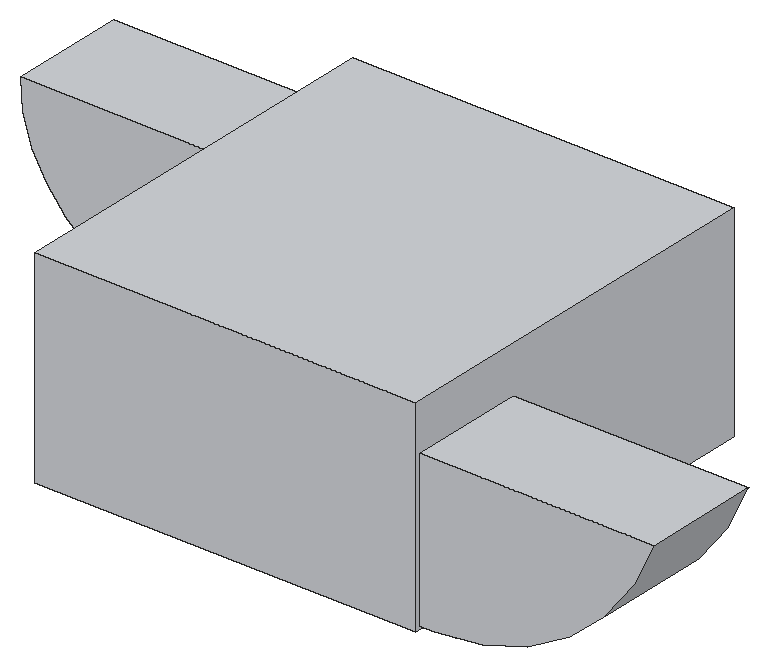
Revit family "LPB", category Mechanical Equipment, Revit 2019
Family settings
  Round Connector Dimension = Use Diameter
  Part Type = Normal
  Work Plane-Based = No
  Always vertical = Yes
  Cut with Voids When Loaded = No
  Shared = No
  Room Calculation Point = No
Parameters (values of type "540_LPB")
  Unit Weight [instance] = ""
  T_SQ/2 = T_SQ / 2  # 2' - 9"
  T_SQ = 5' - 6"
  Sones [instance] = ""
  RO/2 = RO / 2  # 2' - 6 3/4"
  RO = T_SQ - 0' 4 1/2"  # 5' - 1 1/2"
  Motor RPM [instance] = ""
  Motor Enclosure [instance] = ""
  ModelID [instance] = ""
  LwA [instance] = ""
  J = 0' - 4 1/4"
  I = 2' - 3 1/8"
  H = 1' - 5 25/32"
  G-.125" = G - 0' 0 1/8"  # 0' - 2 7/8"
  G = 0' - 3"
  Fan RPM [instance] = ""
  F/2 = F / 2  # 9' - 0 15/16"
  F = 18' - 1 7/8"
  E = 3' - 3 1/2"
  CURB_HEIGHT [instance] = 0' - 9 1/2"
  CURB [instance] = yes
  Accessories [instance] = ""
  -(D+1") = -(D + 0' 1")  # -2' - 6 13/16"
  D = 2' - 5 13/16"
  C/2 = C / 2  # 2' - 2 1/4"
  C+G = C + G  # 4' - 7 1/2"
  C = 4' - 4 1/2"
  B/2 = B / 2  # 4' - 0 11/16"
  B = 8' - 1 3/8"
  A/2 = A / 2  # 4' - 2 25/32"
  A = 8' - 5 9/16"
  3" = 0' - 3"  # constant formula
  Brake Hp [instance] = ""
  4" = 0' - 4"  # constant formula
  2' = 2' - 0"
  2" = 0' - 2"  # constant formula
  1" = 0' - 1"  # constant formula
  0 = 0' - 0"  # constant formula
  Voltage [instance] = 0 V
  URL = "www.lorencook.com"
  Type Comments = "Low Profile Centrifugal Exhaust Ventilator Roof Mounted/Belt Drive"  # constant formula
  Static Pressure [instance] = 0.00 in-wg
  Power [instance] = Voltage * Motor FLA * sqrt(if(Phase = 3, 3, 1))  # 0 VA
  Phase [instance] = 0
  Number of Poles [instance] = 1
  Motor Hp [instance] = "0"
  Motor FLA [instance] = 0 A
  Model = "LPB"  # constant formula
  Manufacturer = "Loren Cook Company"
  CFM [instance] = 0 CFM
  1.5 = 0' - 1 1/2"  # constant formula
  ONE EIGTH = 0' - 0 1/8"  # constant formula
  (F-B)/2 = (F - B) / 2  # 5' - 0 1/4"
Types (19): name | T_SQ/2 | T_SQ | RO/2 | RO | J | I | H | G-.125" | G | F/2 | F | E | -(D+1") | D | C/2 | C+G | C | B/2 | B | A/2 | A | (F-B)/2
  (no name) | 2' - 9" | 5' - 6" | 2' - 6 3/4" | 5' - 1 1/2" | 0' - 4 1/4" | 2' - 3 1/8" | 1' - 5 25/32" | 0' - 2 7/8" | 0' - 3" | 9' - 0 15/16" | 18' - 1 7/8" | 3' - 3 1/2" | -2' - 6 13/16" | 2' - 5 13/16" | 2' - 2 1/4" | 4' - 7 1/2" | 4' - 4 1/2" | 4' - 0 11/16" | 8' - 1 3/8" | 4' - 2 25/32" | 8' - 5 9/16" | 5' - 0 1/4"
  100_LPB | 0' - 10" | 1' - 8" | 0' - 7 3/4" | 1' - 3 1/2" | 0' - 1 9/32" | 0' - 8 19/32" | 0' - 1 1/32" | 0' - 1 7/8" | 0' - 2" | 2' - 2 3/32" | 4' - 4 3/16" | 0' - 6 25/32" | -0' - 7 11/16" | 0' - 6 11/16" | 0' - 6 15/16" | 1' - 3 7/8" | 1' - 1 7/8" | 1' - 2 15/16" | 2' - 5 7/8" | 0' - 11 1/32" | 1' - 10 1/16" | 0' - 11 5/32"
  120_LPB | 1' - 0" | 2' - 0" | 0' - 9 3/4" | 1' - 7 1/2" | 0' - 0 15/32" | 0' - 7 29/32" | 0' - 0 27/32" | 0' - 1 7/8" | 0' - 2" | 2' - 5 13/32" | 4' - 10 13/16" | 0' - 8 5/32" | -0' - 9" | 0' - 8" | 0' - 7 11/16" | 1' - 5 3/8" | 1' - 3 3/8" | 1' - 4 3/16" | 2' - 8 3/8" | 1' - 0 27/32" | 2' - 1 11/16" | 1' - 1 7/32"
  135_LPB | 1' - 0" | 2' - 0" | 0' - 9 3/4" | 1' - 7 1/2" | 0' - 1 9/16" | 0' - 8 15/16" | 0' - 2 7/32" | 0' - 1 7/8" | 0' - 2" | 2' - 8 1/16" | 5' - 4 1/8" | 0' - 9 3/16" | -0' - 10" | 0' - 9" | 0' - 8 3/16" | 1' - 6 3/8" | 1' - 4 3/8" | 1' - 5 1/4" | 2' - 10 1/2" | 1' - 2 7/32" | 2' - 4 7/16" | 1' - 2 13/16"
  150_LPB | 1' - 0" | 2' - 0" | 0' - 9 3/4" | 1' - 7 1/2" | 0' - 2 3/4" | 0' - 9 15/16" | 0' - 3 9/16" | 0' - 1 7/8" | 0' - 2" | 2' - 10 11/16" | 5' - 9 3/8" | 0' - 10 7/32" | -0' - 11" | 0' - 10" | 0' - 8 11/16" | 1' - 7 3/8" | 1' - 5 3/8" | 1' - 6 11/32" | 3' - 0 11/16" | 1' - 3 9/16" | 2' - 7 1/8" | 1' - 4 11/32"
  165_LPB | 1' - 0" | 2' - 0" | 0' - 9 3/4" | 1' - 7 1/2" | 0' - 4 1/16" | 0' - 10 15/16" | 0' - 4 29/32" | 0' - 1 7/8" | 0' - 2" | 3' - 1 11/32" | 6' - 2 11/16" | 0' - 11 7/32" | -1' - 0" | 0' - 11" | 0' - 9 3/16" | 1' - 8 3/8" | 1' - 6 3/8" | 1' - 7 1/2" | 3' - 3" | 1' - 4 29/32" | 2' - 9 13/16" | 1' - 5 27/32"
  180_LPB | 1' - 3" | 2' - 6" | 1' - 0 3/4" | 2' - 1 1/2" | 0' - 1 15/16" | 0' - 8 7/8" | 0' - 3 1/4" | 0' - 1 7/8" | 0' - 2" | 3' - 3 25/32" | 6' - 7 9/16" | 1' - 0 1/4" | -1' - 1" | 1' - 0" | 0' - 10 3/16" | 1' - 10 3/8" | 1' - 8 3/8" | 1' - 8 13/32" | 3' - 4 13/16" | 1' - 6 1/4" | 3' - 0 1/2" | 1' - 7 3/8"
  195_LPB | 1' - 3" | 2' - 6" | 1' - 0 3/4" | 2' - 1 1/2" | 0' - 2 13/16" | 1' - 4 3/16" | 0' - 4 5/8" | 0' - 1 7/8" | 0' - 2" | 3' - 9 3/8" | 7' - 6 3/4" | 1' - 1 1/4" | -1' - 2" | 1' - 1" | 0' - 10 11/16" | 1' - 11 3/8" | 1' - 9 3/8" | 2' - 0 1/2" | 4' - 1" | 1' - 7 5/8" | 3' - 3 1/4" | 1' - 8 7/8"
  210_LPB | 1' - 3" | 2' - 6" | 1' - 0 3/4" | 2' - 1 1/2" | 0' - 3 11/16" | 1' - 5 1/4" | 0' - 6" | 0' - 2 7/8" | 0' - 3" | 3' - 11 7/8" | 7' - 11 3/4" | 1' - 2 9/32" | -1' - 3" | 1' - 2" | 0' - 11 11/16" | 2' - 2 3/8" | 1' - 11 3/8" | 2' - 1 15/32" | 4' - 2 15/16" | 1' - 9" | 3' - 6" | 1' - 10 13/32"
  225_LPB | 1' - 3" | 2' - 6" | 1' - 0 3/4" | 2' - 1 1/2" | 0' - 4 17/32" | 1' - 6 5/32" | 0' - 7 5/16" | 0' - 2 7/8" | 0' - 3" | 4' - 2 9/32" | 8' - 4 9/16" | 1' - 3 5/16" | -1' - 4" | 1' - 3" | 1' - 0 5/8" | 2' - 4 1/4" | 2' - 1 1/4" | 2' - 2 11/32" | 4' - 4 11/16" | 1' - 10 5/16" | 3' - 8 5/8" | 1' - 11 15/16"
  245_LPB | 1' - 6" | 3' - 0" | 1' - 3 3/4" | 2' - 7 1/2" | 0' - 2 21/32" | 1' - 4 17/32" | 0' - 6 5/32" | 0' - 2 7/8" | 0' - 3" | 4' - 4 31/32" | 8' - 9 15/16" | 1' - 4 1/4" | -1' - 5" | 1' - 4" | 1' - 1 1/4" | 2' - 5 1/2" | 2' - 2 1/2" | 2' - 3 19/32" | 4' - 7 3/16" | 2' - 0 5/32" | 4' - 0 5/16" | 2' - 1 3/8"
  270_LPB | 1' - 6" | 3' - 0" | 1' - 3 3/4" | 2' - 7 1/2" | 0' - 4 3/32" | 1' - 6 5/32" | 0' - 8 13/32" | 0' - 2 7/8" | 0' - 3" | 4' - 9 19/32" | 9' - 7 3/16" | 1' - 5 31/32" | -1' - 6 15/16" | 1' - 5 15/16" | 1' - 2" | 2' - 7" | 2' - 4" | 2' - 5 1/8" | 4' - 10 1/4" | 2' - 2 13/32" | 4' - 4 13/16" | 2' - 4 15/32"
  300_LPB | 1' - 9" | 3' - 6" | 1' - 6 3/4" | 3' - 1 1/2" | 0' - 2 25/32" | 1' - 6 11/32" | 0' - 8 3/32" | 0' - 2 7/8" | 0' - 3" | 5' - 2 19/32" | 10' - 5 3/16" | 1' - 7 11/16" | -1' - 8 27/32" | 1' - 7 27/32" | 1' - 3 5/8" | 2' - 10 1/4" | 2' - 7 1/4" | 2' - 7 9/16" | 5' - 3 1/8" | 2' - 5 3/32" | 4' - 10 3/16" | 2' - 7 1/32"
  330_LPB | 1' - 9" | 3' - 6" | 1' - 6 3/4" | 3' - 1 1/2" | 0' - 4 13/32" | 1' - 8 9/32" | 0' - 10 13/16" | 0' - 2 7/8" | 0' - 3" | 5' - 6 7/16" | 11' - 0 7/8" | 1' - 9 13/32" | -1' - 10 3/4" | 1' - 9 3/4" | 1' - 4 1/8" | 2' - 11 1/4" | 2' - 8 1/4" | 2' - 9 11/32" | 5' - 6 11/16" | 2' - 7 13/16" | 5' - 3 5/8" | 2' - 9 3/32"
  365_LPB | 2' - 0" | 4' - 0" | 1' - 9 3/4" | 3' - 7 1/2" | 0' - 3 7/16" | 1' - 7 5/8" | 0' - 10 31/32" | 0' - 2 7/8" | 0' - 3" | 5' - 11 11/16" | 11' - 11 3/8" | 1' - 11 7/16" | -2' - 1" | 2' - 0" | 1' - 5 1/8" | 3' - 1 1/4" | 2' - 10 1/4" | 2' - 11 17/32" | 5' - 11 1/16" | 2' - 10 31/32" | 5' - 9 15/16" | 3' - 0 5/32"
  402_LPB | 2' - 0" | 4' - 0" | 1' - 9 3/4" | 3' - 7 1/2" | 0' - 5 17/32" | 1' - 10 5/32" | 1' - 2 3/8" | 0' - 2 7/8" | 0' - 3" | 6' - 5 3/16" | 12' - 10 3/8" | 2' - 1 9/16" | -2' - 3 13/32" | 2' - 2 13/32" | 1' - 6 3/16" | 3' - 3 3/8" | 3' - 0 3/8" | 3' - 1 27/32" | 6' - 3 11/16" | 3' - 2 3/8" | 6' - 4 3/4" | 3' - 3 11/32"
  445_LPB | 2' - 6" | 5' - 0" | 2' - 3 3/4" | 4' - 7 1/2" | 0' - 1 29/32" | 1' - 9 23/32" | 1' - 0 7/32" | 0' - 2 7/8" | 0' - 3" | 7' - 0 13/16" | 14' - 1 5/8" | 2' - 4" | -2' - 6 1/8" | 2' - 5 1/8" | 1' - 8" | 3' - 7" | 3' - 4" | 3' - 5 13/16" | 6' - 11 5/8" | 3' - 6 7/32" | 7' - 0 7/16" | 3' - 7"
  490_LPB | 2' - 6" | 5' - 0" | 2' - 3 3/4" | 4' - 7 1/2" | 0' - 4 7/16" | 2' - 2 13/16" | 1' - 4 9/32" | 0' - 2 7/8" | 0' - 3" | 7' - 8 15/32" | 15' - 4 15/16" | 2' - 6 9/16" | -2' - 9" | 2' - 8" | 1' - 9 1/4" | 3' - 9 1/2" | 3' - 6 1/2" | 3' - 9 5/8" | 7' - 7 1/4" | 3' - 10 9/32" | 7' - 8 9/16" | 3' - 10 27/32"
  540_LPB | 2' - 9" | 5' - 6" | 2' - 6 3/4" | 5' - 1 1/2" | 0' - 4 1/4" | 2' - 3 1/8" | 1' - 5 25/32" | 0' - 2 7/8" | 0' - 3" | 9' - 0 15/16" | 18' - 1 7/8" | 3' - 3 1/2" | -2' - 6 13/16" | 2' - 5 13/16" | 2' - 2 1/4" | 4' - 7 1/2" | 4' - 4 1/2" | 4' - 0 11/16" | 8' - 1 3/8" | 4' - 2 25/32" | 8' - 5 9/16" | 5' - 0 1/4"
Reference planes (in)
  plane 1 "Center (Front/Back)": y = 0
  plane 2: z = 0
  plane 3 "Center (Left/Right)": x = 0.40541
Forms (in)
  Extrusion 1, solid
    sketch origin (0, 0, 0) x (1, 0, 0) y (0, 1, 0)
      loop
        line (33.40541, 33) -> (-32.59459, 33) -> (-32.59459, -33) -> (33.40541, -33) -> (33.40541, 33)
    from 0 to 3 <- "G"
  Extrusion 2, void
    sketch origin (0, 0, 0) x (1, 0, 0) y (0, 1, 0)
      loop
        line (-32.46959, 32.875) -> (-32.46959, -32.875) -> (33.28041, -32.875) -> (33.28041, 32.875) -> (-32.46959, 32.875)
    from 0 to 2.875 <- "G-.125""
  Extrusion 3, solid
    sketch origin (0, 0, 0) x (1, 0, 0) y (0, 1, 0)
      loop
        line (37.65541, 50.78125) -> (-59.71959, 50.78125) -> (-59.71959, -50.78125) -> (37.65541, -50.78125) -> (37.65541, 50.78125)
    from 3 <- "G" to 55.5 <- "C+G"
  Extrusion 4, solid
    sketch origin (37.65541, 50.78125, 0) x (-1, 0, 0) y (0, 0, 1)
      loop
        line (97.375, 43.5) -> (97.375, 4) -> (118.125, 4)
        arc (118.125, 4) -> (146.05572, 15.56928) -> (157.625, 43.5) r 39.5
        line (157.625, 43.5) -> (97.375, 43.5)
    from -1 to -30.8125 <- "-(D+1")"
  Extrusion 5, solid
    sketch origin (-59.71959, -50.78125, 0) x (1, 0, 0) y (0, 0, 1)
      loop
        line (97.375, 43.5) -> (97.375, 4) -> (101.53299, 4)
        arc (101.53299, 4) -> (135.83519, 14.86589) -> (157.625, 43.5) r 59.57675
        line (157.625, 43.5) -> (97.375, 43.5)
    from -1 to -30.8125 <- "-(D+1")"
  Extrusion 6, solid, visible <- "CURB"
    sketch origin (0, 0, 2.875) x (0, 1, 0) y (1, 0, 0)
      loop
        line (30.75, -30.34459) -> (30.75, 31.15541) -> (-30.75, 31.15541) -> (-30.75, -30.34459) -> (30.75, -30.34459)
      loop
        line (-32.25, 32.65541) -> (-32.25, -31.84459) -> (32.25, -31.84459) -> (32.25, 32.65541) -> (-32.25, 32.65541)
    from 0 to 9.5 <- "CURB_HEIGHT"
  Extrusion 7, solid, visible <- "CURB"
    sketch origin (0, 0, -6.625) x (-1, 0, 0) y (0, 1, 0)
      loop
        line (-32.65541, -32.25) -> (31.84459, -32.25) -> (31.84459, 32.25) -> (-32.65541, 32.25) -> (-32.65541, -32.25)
      loop
        line (33.84459, 34.25) -> (-34.65541, 34.25) -> (-34.65541, -34.25) -> (33.84459, -34.25) -> (33.84459, 34.25)
    from 0 to -0.125
Cuts and joins
  Extrusion 2 cuts Extrusion 1
Dimensions and locks (in)
  "T_SQ/2": Extrusion 1 sketch curve to plane 3 "Center (Left/Right)"
  "T_SQ/2": plane 3 "Center (Left/Right)" to Extrusion 1 sketch curve
  "T_SQ/2": Extrusion 1 sketch curve to plane 1 "Center (Front/Back)"  (x2)
  "ONE EIGTH": Extrusion 1 to Extrusion 2 sketch curve  (x2)
  "ONE EIGTH": Extrusion 2 sketch curve to Extrusion 1  (x2)
  "J": cut or joined group of Extrusion 1, Extrusion 2 to Extrusion 3 sketch curve
  "I": Extrusion 3 sketch curve to cut or joined group of Extrusion 1, Extrusion 2
  "H": Extrusion 3 sketch curve to cut or joined group of Extrusion 1, Extrusion 2  (x2)
  "1"": Extrusion 3 to Extrusion 4 sketch curve
  "E": Extrusion 4 sketch curve to Extrusion 4 sketch curve
  "(F-B)/2": Extrusion 4 sketch curve to Extrusion 3
  "0": Extrusion 4 sketch curve to Extrusion 3
  "0": Extrusion 5 sketch curve to Extrusion 3
  "(F-B)/2": Extrusion 5 sketch curve to Extrusion 3
  "0": Extrusion 5 sketch curve to Extrusion 4  (x2)
  "1.5": Extrusion 6 sketch curve to Extrusion 6 sketch curve  (x4)
  "RO/2": plane 1 "Center (Front/Back)" to Extrusion 6 sketch curve  (x2)
  "RO/2": plane 3 "Center (Left/Right)" to Extrusion 6 sketch curve
  "RO/2": Extrusion 6 sketch curve to plane 3 "Center (Left/Right)"
  "0": Extrusion 6 to Extrusion 7 sketch curve  (x2)
  "0": Extrusion 7 sketch curve to Extrusion 6  (x2)
  "2"": Extrusion 7 sketch curve to Extrusion 7 sketch curve  (x4)
Automatic sketch dimensions
  Extrusion 5 sketch curve to Extrusion 5 sketch curve = 0' - 4.15799"
Connectors (in)
  hvac at (0.40541, 0, 3), driven by "RO", driven by "RO", driven by "CFM"
    settings: on cut or joined group of Extrusion 1, Extrusion 2, index 1, duct flow 0 CFM, flow factor 0, pres drop 0.00 in-wg, loss coef 0, conn angle 0.00°, conn width 61 1/2", conn height 61 1/2", conn diameter 24", duct sys type 3, conn prof type 1, flow config 0, flow direction 1, loss method 0, conn ref index -1, conn util no, is conn primary yes, conn desc ""
  electrical at (-11.03209, 0, 3)
    settings: on Extrusion 3, index 2, voltage 0 V, apparent load 0 VA, apparent load phase1 0 VA, apparent load phase2 0 VA, apparent load phase3 0 VA, power factor 1, load classification "Other", number of poles 1, system type 30, power factor state 1, is connector primary yes, connector utility no, sub classification motor no, connector description ""
